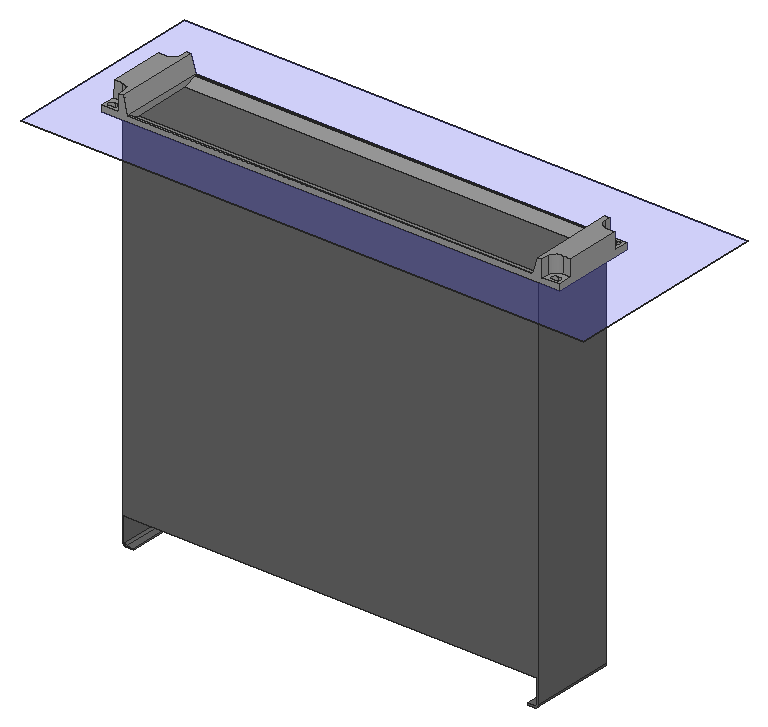
Revit family "QSC CX-Q 8 Channel Amplifier", category Generic Models, host Face, Revit 2017
Family settings
  Host = Face
  Can host rebar = No
  Round Connector Dimension = Use Diameter
  Part Type = Normal
  Cut with Voids When Loaded = No
  Shared = No
  Room Calculation Point = No
Parameters (values of type "CX-Q 4K8")
  Width = 482.6 mm  # constant formula
  Weight Product (lb) = 25
  Weight Product (kg) = 11.3
  Weight Dimensional (lb) = 29
  Weight Dimensional (kg) = 13.2
  Voltage AC = "Universal power supply 100 - 240 VAC, 50 - 60 Hz with active PFC"  # constant formula
  URL = ""
  Regulatory Compliance = "UL, CE, RoHS/WEEE compliant, FCC Class B (conducted and radiated emissions)"  # constant formula
  Product Page URL = "https://www.qsc.com/systems/products/power-amplifiers/dsp-amplifiers-network/cx-q-series/cx-q-4k8/"
  Product Documentation Link = "https://www.qsc.com/resource-files/productresources/amp/cx-q/8_channel/q_rep_specsheet_cxq8.pdf"
  Model = "CX-Q 4K8"
  Manufacturer URL = "http://www.qsc.com"
  Manufacturer = "QSC"  # constant formula
  Inner Front Width [instance] = 427.203 mm
  Height = 88.9 mm  # constant formula
  Face Material [instance] = Light Gray Finish
  Description = "Eight-channel Network Amplifier for the Q-SYS Ecosystem"
  Depth = 426.0 mm  # constant formula
  Default Elevation = 0.0 mm
  Amplifier Material [instance] = Black Finish
Types (5, lengths in mm): name | Weight Product (lb) | Weight Product (kg) | Weight Dimensional (lb) | Weight Dimensional (kg) | Product Page URL | Model
  (no name) | 25 | 11.3 | 29 | 13.2 | "https://www.qsc.com/systems/products/power-amplifiers/dsp-amplifiers-network/cx-q-series/cx-q-4k8/" | "CX-Q 4K8"
  CX-Q 4K8 | 25 | 11.3 | 29 | 13.2 | "https://www.qsc.com/systems/products/power-amplifiers/dsp-amplifiers-network/cx-q-series/cx-q-4k8/" | "CX-Q 4K8"
  CX-Qn 4K8 | 25 | 11.3 | 29 | 13.2 | "https://www.qsc.com/systems/products/power-amplifiers/dsp-amplifiers-network/cx-q-series/cx-qn-4k8/" | "CX-Qn 4K8"
  CX-Q 8K8 | 26 | 11.8 | 30 | 13.6 | "https://www.qsc.com/systems/products/power-amplifiers/dsp-amplifiers-network/cx-q-series/cx-q-8k8/" | "CX-Q 8K8"
  CX-Qn 8K8 | 26 | 11.8 | 30 | 13.6 | "https://www.qsc.com/systems/products/power-amplifiers/dsp-amplifiers-network/cx-q-series/cx-qn-8k8/" | "CX-Qn 8K8"
Reference planes
  plane 1 "Center (Front/Back)": y = 0
  plane 2: z = 0
  plane 3 "Center (Left/Right)": x = 0
  plane 4 "Left": x = -241.3
  plane 5 "Right": x = 241.3
  plane 6 "Top": y = 44.45
  plane 7 "Bottom": y = -44.45
  plane 8 "Back": z = -402.101
  plane 9: z = -373.399
  plane 10: x = -219.019
  plane 11: x = 219.019
  plane 12 "Front": z = 23.899
  plane 13: x = -207.869
  plane 14: x = 207.869
  plane 15: x = -240.508
  plane 16: x = -218.308
  plane 17: x = -213.601
  plane 18: z = 6.33
  plane 19: x = 240.508
  plane 20: x = 218.308
  plane 21: x = 213.601
  plane 22: z = 6.33
  plane 23: z = 14.049
  plane 24 "Inner Left": x = -213.601
  plane 25 "Inner Right": x = 213.601
Forms (mm)
  Extrusion 1, solid, material "Glass"
    sketch origin (0, 0, 0) x (1, 0, 0) y (0, 1, 0)
      loop
        line (-284.09, 118.816) -> (-284.09, -98.587) -> (309.771, -98.587) -> (309.771, 118.816) -> (-284.09, 118.816)
    from 0 to -0.992
  Extrusion 2, solid, material "Black Finish" <- "Amplifier Material"
    sketch origin (0, -44.45, 0) x (-1, 0, 0) y (0, 0, 1)
      loop
        line (241.3, 0) -> (-241.3, 0) -> (-241.3, -402.101) -> (241.3, -402.101) -> (241.3, 0)
    from 0 to 88.9 <- "Height"
  Extrusion 3, void
    sketch origin (0, -44.45, 0) x (-1, 0, 0) y (0, 0, 1)
      loop
        line (219.019, -402.101) -> (241.3, -402.101) -> (241.3, 0) -> (219.019, 0) -> (219.019, -402.101)
      loop
        line (-241.3, -402.101) -> (-219.019, -402.101) -> (-219.019, 0) -> (-241.3, 0) -> (-241.3, -402.101)
    from 0 to 88.9 <- "Height"
  Extrusion 4, void
    sketch origin (0, -44.45, 0) x (-1, 0, 0) y (0, 0, 1)
      loop
        arc (219.019, -398.799) -> (218.052, -401.134) -> (215.717, -402.101) r 3.302
        line (215.717, -402.101) -> (219.019, -402.101) -> (219.019, -398.799)
      loop
        line (217.818, -398.799) -> (217.818, -373.399) -> (-217.818, -373.399) -> (-217.818, -398.799)
        arc (-217.818, -398.799) -> (-217.202, -400.284) -> (-215.717, -400.9) r 2.101
        line (-215.717, -400.9) -> (-207.869, -400.9) -> (-207.869, -402.101) -> (207.869, -402.101) -> (207.869, -400.9) -> (215.717, -400.9)
        arc (215.717, -400.9) -> (217.202, -400.284) -> (217.818, -398.799) r 2.101
      loop
        line (-219.019, -398.799) -> (-219.019, -402.101) -> (-215.717, -402.101)
        arc (-215.717, -402.101) -> (-218.052, -401.134) -> (-219.019, -398.799) r 3.302
    from 0 to 88.9
  Extrusion 5, void
    sketch origin (0, -44.45, 0) x (-1, 0, 0) y (0, 0, 1)
      loop
        line (241.3, 0) -> (241.3, 23.899) -> (240.508, 23.899) -> (241.3, 0)
      loop
        line (218.308, 23.899) -> (-218.308, 23.899) -> (-213.601, 6.33)
        arc (-213.601, 6.33) -> (0, 13.745) -> (213.601, 6.33) r 3080.136
        line (213.601, 6.33) -> (218.308, 23.899)
      loop
        line (-240.508, 23.899) -> (-241.3, 23.899) -> (-241.3, 0) -> (-240.508, 23.899)
    from 0 to 88.9
  Extrusion 6, void
    sketch origin (0, 0, 23.899) x (-1, 0, 0) y (0, -1, 0)
      loop
        line (241.3, -44.45) -> (241.3, -28.905) -> (232.687, -28.905)
        arc (232.687, -28.905) -> (226.184, -31.39) -> (222.994, -37.577) r 9.753
        line (222.994, -37.577) -> (222.994, -44.45) -> (241.3, -44.45)
      loop
        line (241.3, 44.45) -> (222.994, 44.45) -> (222.994, 37.577)
        arc (222.994, 37.577) -> (226.184, 31.39) -> (232.687, 28.905) r 9.753
        line (232.687, 28.905) -> (241.3, 28.905) -> (241.3, 44.45)
      loop
        line (-241.3, -44.45) -> (-222.994, -44.45) -> (-222.994, -37.577)
        arc (-222.994, -37.577) -> (-226.184, -31.39) -> (-232.687, -28.905) r 9.753
        line (-232.687, -28.905) -> (-241.3, -28.905) -> (-241.3, -44.45)
      loop
        line (-241.3, 44.45) -> (-241.3, 28.905) -> (-232.687, 28.905)
        arc (-232.687, 28.905) -> (-226.184, 31.39) -> (-222.994, 37.577) r 9.753
        line (-222.994, 37.577) -> (-222.994, 44.45) -> (-241.3, 44.45)
    from 0 to -17.363
  Extrusion 7, void
    sketch origin (0, 0, 23.899) x (-1, 0, 0) y (0, -1, 0)
      loop
        arc (235.24, -41.935) -> (238.491, -38.684) -> (235.24, -35.433) r 3.251
        line (235.24, -35.433) -> (231.938, -35.433)
        arc (231.938, -35.433) -> (228.686, -38.684) -> (231.938, -41.935) r 3.251
        line (231.938, -41.935) -> (235.24, -41.935)
      loop
        arc (235.24, 35.433) -> (238.491, 38.684) -> (235.24, 41.935) r 3.251
        line (235.24, 41.935) -> (231.938, 41.935)
        arc (231.938, 41.935) -> (228.686, 38.684) -> (231.938, 35.433) r 3.251
        line (231.938, 35.433) -> (235.24, 35.433)
      loop
        arc (-231.938, -41.935) -> (-228.686, -38.684) -> (-231.938, -35.433) r 3.251
        line (-231.938, -35.433) -> (-235.24, -35.433)
        arc (-235.24, -35.433) -> (-238.491, -38.684) -> (-235.24, -41.935) r 3.251
        line (-235.24, -41.935) -> (-231.938, -41.935)
      loop
        arc (-231.938, 35.433) -> (-228.686, 38.684) -> (-231.938, 41.935) r 3.251
        line (-231.938, 41.935) -> (-235.24, 41.935)
        arc (-235.24, 41.935) -> (-238.491, 38.684) -> (-235.24, 35.433) r 3.251
        line (-235.24, 35.433) -> (-231.938, 35.433)
    from 0 to -25.4
  Extrusion 8, void
    sketch origin (-213.601, 0, 0) x (0, 1, 0) y (0, 0, 1)
      loop
        line (42.942, 5.825) -> (44.45, 23.899) -> (42.942, 23.899) -> (-44.45, 23.899) -> (-43.067, 5.712) -> (-30.265, 0) -> (30.581, 0) -> (42.942, 5.825)
    from 0 to 427.203 <- "Inner Front Width"
  Extrusion 9, void
    sketch origin (0, 0, -402.101) x (-1, 0, 0) y (0, -1, 0)
      loop
        line (-196.103, 5.009) -> (-183.681, 5.009) -> (-183.681, 28.269) -> (-196.103, 28.269) -> (-196.103, 5.009)
      loop
        line (67.483, -13.082) -> (87.397, -13.082) -> (87.397, -3.225) -> (67.483, -3.225) -> (67.483, -13.082)
      loop
        line (92.883, -13.082) -> (112.797, -13.082) -> (112.797, -3.225) -> (92.883, -3.225) -> (92.883, -13.082)
      loop
        line (118.283, -13.082) -> (138.197, -13.082) -> (138.197, -3.225) -> (118.283, -3.225) -> (118.283, -13.082)
      loop
        line (143.683, -13.082) -> (163.597, -13.082) -> (163.597, -3.225) -> (143.683, -3.225) -> (143.683, -13.082)
      loop
        line (186.289, 14.258) -> (201.973, 14.258) -> (201.973, 36.368) -> (186.289, 36.368) -> (186.289, 14.258)
      loop
        line (203.056, -9.263) -> (190.356, -9.263) -> (190.356, -25.649) -> (203.056, -25.649) -> (203.056, -9.263)
      loop
        line (189.464, -9.263) -> (176.764, -9.263) -> (176.764, -25.649) -> (189.464, -25.649) -> (189.464, -9.263)
      loop
        line (17.692, -30.016) -> (24.938, -30.016) -> (24.938, -23.09) -> (17.692, -23.09) -> (17.692, -30.016)
      loop
        line (17.692, -22.396) -> (24.938, -22.396) -> (24.938, -15.47) -> (17.692, -15.47) -> (17.692, -22.396)
      loop
        line (17.692, -14.776) -> (24.938, -14.776) -> (24.938, -7.85) -> (17.692, -7.85) -> (17.692, -14.776)
      loop
        line (17.692, -7.156) -> (24.938, -7.156) -> (24.938, -0.23) -> (17.692, -0.23) -> (17.692, -7.156)
      loop
        line (17.692, 0.464) -> (24.938, 0.464) -> (24.938, 7.39) -> (17.692, 7.39) -> (17.692, 0.464)
      loop
        line (17.692, 8.084) -> (24.938, 8.084) -> (24.938, 15.01) -> (17.692, 15.01) -> (17.692, 8.084)
      loop
        line (17.692, 15.704) -> (24.938, 15.704) -> (24.938, 22.63) -> (17.692, 22.63) -> (17.692, 15.704)
      loop
        line (17.692, 23.324) -> (24.938, 23.324) -> (24.938, 30.25) -> (17.692, 30.25) -> (17.692, 23.324)
    from 0 to 31.75
  Extrusion 10, solid, material "Light Gray Finish" <- "Face Material"
    sketch origin (0, -44.45, 0) x (-1, 0, 0) y (0, 0, 1)
      loop
        line (241.3, 23.899) -> (-241.3, 23.899) -> (-241.3, 0) -> (241.3, 0) -> (241.3, 23.899)
    from 0 to 88.9 <- "Height"
Cuts and joins
  Extrusion 3, Extrusion 4, Extrusion 5, Extrusion 6, Extrusion 7, Extrusion 8, Extrusion 9 cuts Extrusion 2
  Extrusion 5, Extrusion 6, Extrusion 7, Extrusion 8 cuts Extrusion 10
Lines and regions (mm)
  model lines, detail levels fine
    curve 1: arc (-219.019, 31.702, -380.707) -> (-219.019, 28.451, -377.455) -> (-219.019, 25.199, -380.707) r 3.251
    curve 2: line (-219.019, 25.199, -380.707) -> (-219.019, 25.199, -384.009)
    curve 3: arc (-219.019, 25.199, -384.009) -> (-219.019, 28.451, -387.26) -> (-219.019, 31.702, -384.009) r 3.251
    curve 4: line (-219.019, 31.702, -384.009) -> (-219.019, 31.702, -380.707)
    curve 5: arc (-219.019, 17.605, -393.915) -> (-219.019, 15.827, -392.137) -> (-219.019, 14.049, -393.915) r 1.778
    curve 6: arc (-219.019, 14.049, -393.915) -> (-219.019, 15.827, -395.693) -> (-219.019, 17.605, -393.915) r 1.778
    curve 7: arc (-219.019, -14.049, -393.915) -> (-219.019, -15.827, -392.137) -> (-219.019, -17.605, -393.915) r 1.778
    curve 8: arc (-219.019, -17.605, -393.915) -> (-219.019, -15.827, -395.693) -> (-219.019, -14.049, -393.915) r 1.778
    curve 9: arc (-219.019, -31.702, -384.009) -> (-219.019, -28.451, -387.26) -> (-219.019, -25.199, -384.009) r 3.251
    curve 10: line (-219.019, -25.199, -384.009) -> (-219.019, -25.199, -380.707)
    curve 11: arc (-219.019, -25.199, -380.707) -> (-219.019, -28.451, -377.455) -> (-219.019, -31.702, -380.707) r 3.251
    curve 12: line (-219.019, -31.702, -380.707) -> (-219.019, -31.702, -384.009)
    curve 13: arc (219.019, 31.702, -380.707) -> (219.019, 28.451, -377.455) -> (219.019, 25.199, -380.707) r 3.251
    curve 14: line (219.019, 25.199, -380.707) -> (219.019, 25.199, -384.009)
    curve 15: arc (219.019, 25.199, -384.009) -> (219.019, 28.451, -387.26) -> (219.019, 31.702, -384.009) r 3.251
    curve 16: line (219.019, 31.702, -384.009) -> (219.019, 31.702, -380.707)
    curve 17: arc (219.019, 17.605, -393.915) -> (219.019, 15.827, -392.137) -> (219.019, 14.049, -393.915) r 1.778
    curve 18: arc (219.019, 14.049, -393.915) -> (219.019, 15.827, -395.693) -> (219.019, 17.605, -393.915) r 1.778
    curve 19: arc (219.019, -14.049, -393.915) -> (219.019, -15.827, -392.137) -> (219.019, -17.605, -393.915) r 1.778
    curve 20: arc (219.019, -17.605, -393.915) -> (219.019, -15.827, -395.693) -> (219.019, -14.049, -393.915) r 1.778
    curve 21: arc (219.019, -31.702, -384.009) -> (219.019, -28.451, -387.26) -> (219.019, -25.199, -384.009) r 3.251
    curve 22: line (219.019, -25.199, -384.009) -> (219.019, -25.199, -380.707)
    curve 23: arc (219.019, -25.199, -380.707) -> (219.019, -28.451, -377.455) -> (219.019, -31.702, -380.707) r 3.251
    curve 24: line (219.019, -31.702, -380.707) -> (219.019, -31.702, -384.009)
    curve 25: circle (-211.933, 15.827, -402.101) r 1.778 normal (0, 0, 1)
    curve 26: circle (-211.933, -15.827, -402.101) r 1.778 normal (0, 0, -1)
    curve 27: circle (211.933, 15.827, -402.101) r 1.778 normal (0, 0, -1)
    curve 28: circle (211.933, -15.827, -402.101) r 1.778 normal (0, 0, 1)
    curve 61: line (-5.971, 18.803, 2.278) -> (-9.502, 22.296, 2.278)
    curve 62: line (57.828, 18.803, 2.278) -> (61.359, 22.296, 2.278)
    curve 63: line (57.828, -19.348, 2.278) -> (61.359, -22.84, 2.278)
    curve 64: line (-5.971, -19.348, 2.278) -> (-9.502, -22.84, 2.278)
    curve 69: arc (-99.815, -1.556, 2.278) -> (-100.423, -4.905, 2.278) -> (-101.046, -1.559, 2.278) r 1.73
    curve 70: line (-100.427, -3.175, 2.278) -> (-100.427, -0.069, 2.278)
    curve 71: line (-69.946, 17.216, 2.278) -> (-61.84, 17.216, 2.278)
    curve 72: line (-69.946, 13.082, 2.278) -> (-69.946, 17.216, 2.278)
    curve 73: line (-61.84, 13.082, 2.278) -> (-69.946, 13.082, 2.278)
    curve 74: line (-61.84, 17.216, 2.278) -> (-61.84, 13.082, 2.278)
    curve 75: line (-31.846, 17.216, 2.278) -> (-23.74, 17.216, 2.278)
    curve 76: line (-31.846, 13.082, 2.278) -> (-31.846, 17.216, 2.278)
    curve 77: line (-23.74, 13.082, 2.278) -> (-31.846, 13.082, 2.278)
    curve 78: line (-23.74, 17.216, 2.278) -> (-23.74, 13.082, 2.278)
    curve 79: line (-57.246, 17.216, 2.278) -> (-49.14, 17.216, 2.278)
    curve 80: line (-57.246, 13.082, 2.278) -> (-57.246, 17.216, 2.278)
    curve 81: line (-49.14, 13.082, 2.278) -> (-57.246, 13.082, 2.278)
    curve 82: line (-49.14, 17.216, 2.278) -> (-49.14, 13.082, 2.278)
    curve 83: line (-44.546, 17.216, 2.278) -> (-36.44, 17.216, 2.278)
    curve 84: line (-44.546, 13.082, 2.278) -> (-44.546, 17.216, 2.278)
    curve 85: line (-36.44, 13.082, 2.278) -> (-44.546, 13.082, 2.278)
    curve 86: line (-36.44, 17.216, 2.278) -> (-36.44, 13.082, 2.278)
    curve 87: line (-69.946, -5.009, 2.278) -> (-61.84, -5.009, 2.278)
    curve 88: line (-69.946, -9.143, 2.278) -> (-69.946, -5.009, 2.278)
    curve 89: line (-61.84, -9.143, 2.278) -> (-69.946, -9.143, 2.278)
    curve 90: line (-61.84, -5.009, 2.278) -> (-61.84, -9.143, 2.278)
    curve 91: line (-31.846, -5.009, 2.278) -> (-23.74, -5.009, 2.278)
    curve 92: line (-31.846, -9.143, 2.278) -> (-31.846, -5.009, 2.278)
    curve 93: line (-23.74, -9.143, 2.278) -> (-31.846, -9.143, 2.278)
    curve 94: line (-23.74, -5.009, 2.278) -> (-23.74, -9.143, 2.278)
    curve 95: line (-57.246, -5.009, 2.278) -> (-49.14, -5.009, 2.278)
    curve 96: line (-57.246, -9.143, 2.278) -> (-57.246, -5.009, 2.278)
    curve 97: line (-49.14, -9.143, 2.278) -> (-57.246, -9.143, 2.278)
    curve 98: line (-49.14, -5.009, 2.278) -> (-49.14, -9.143, 2.278)
    curve 99: line (-44.546, -5.009, 2.278) -> (-36.44, -5.009, 2.278)
    curve 100: line (-44.546, -9.143, 2.278) -> (-44.546, -5.009, 2.278)
    curve 101: line (-36.44, -9.143, 2.278) -> (-44.546, -9.143, 2.278)
    curve 102: line (-36.44, -5.009, 2.278) -> (-36.44, -9.143, 2.278)
    curve 103: line (69.724, 22.296, 2.278) -> (80.216, 22.296, 2.278)
    curve 104: line (69.724, 16.257, 2.278) -> (69.724, 22.296, 2.278)
    curve 105: line (80.216, 16.257, 2.278) -> (69.724, 16.257, 2.278)
    curve 106: line (80.216, 22.296, 2.278) -> (80.216, 16.257, 2.278)
    curve 107: line (69.724, -16.802, 2.278) -> (80.216, -16.802, 2.278)
    curve 108: line (69.724, -22.84, 2.278) -> (69.724, -16.802, 2.278)
    curve 109: line (80.216, -22.84, 2.278) -> (69.724, -22.84, 2.278)
    curve 110: line (80.216, -16.802, 2.278) -> (80.216, -22.84, 2.278)
    curve 111: line (69.724, 9.263, 2.278) -> (80.216, 9.263, 2.278)
    curve 112: line (69.724, 3.225, 2.278) -> (69.724, 9.263, 2.278)
    curve 113: line (80.216, 3.225, 2.278) -> (69.724, 3.225, 2.278)
    curve 114: line (80.216, 9.263, 2.278) -> (80.216, 3.225, 2.278)
  model lines, style "GenericModel", detail levels fine
    curve 29: line (2.049, -37.361, 3.166) -> (-0.167, -34.694, 1.976)
    curve 30: line (-0.167, -34.694, 1.976) -> (2.049, -37.361, 3.166)
    curve 31: line (-8.203, -37.028, 3.018) -> (-7.365, -34.277, 1.79)
    curve 32: line (-7.365, -34.277, 1.79) -> (-8.203, -37.028, 3.018)
    curve 33: line (-6.804, -38.849, 3.831) -> (-7.429, -33.759, 1.559)
    curve 34: line (-7.429, -33.759, 1.559) -> (-6.804, -38.849, 3.831)
    curve 35: line (5.017, -35.288, 2.241) -> (6.993, -36.614, 2.833)
    curve 36: line (6.993, -36.614, 2.833) -> (5.017, -35.288, 2.241)
  model lines, style "GenericModel", not visible, detail levels fine
    curve 37: line (344.322, -25.724, 0.794) -> (342.106, -22.804, 0.794)
    curve 38: line (342.106, -22.804, 0.794) -> (344.322, -25.724, 0.794)
    curve 39: line (334.07, -25.359, 0.794) -> (334.908, -22.347, 0.794)
    curve 40: line (334.908, -22.347, 0.794) -> (334.07, -25.359, 0.794)
    curve 41: line (335.469, -27.353, 0.794) -> (334.844, -21.779, 0.794)
    curve 42: line (334.844, -21.779, 0.794) -> (335.469, -27.353, 0.794)
    curve 43: line (347.29, -23.453, 0.794) -> (349.266, -24.905, 0.794)
    curve 44: line (349.266, -24.905, 0.794) -> (347.29, -23.453, 0.794)
  model lines, not visible
    curve 45: arc (-104.012, -1.588, 45.52) -> (-96.511, 5.913, 45.52) -> (-89.011, -1.588, 45.52) r 7.501
    curve 46: arc (-89.011, -1.588, 45.52) -> (-96.511, -9.088, 45.52) -> (-104.012, -1.588, 45.52) r 7.501
    curve 47: arc (73.897, 4.762, 45.52) -> (89.396, 20.262, 45.52) -> (104.895, 4.762, 45.52) r 15.499
    curve 48: arc (104.895, 4.762, 45.52) -> (89.396, -10.737, 45.52) -> (73.897, 4.762, 45.52) r 15.499
    curve 49: line (54.287, 24.465, 45.52) -> (54.287, -20.671, 45.52)
    curve 50: line (54.287, -20.671, 45.52) -> (-16.573, -20.671, 45.52)
    curve 51: line (-16.573, -20.671, 45.52) -> (-16.573, 24.465, 45.52)
    curve 52: line (-16.573, 24.465, 45.52) -> (54.287, 24.465, 45.52)
  model lines, detail levels medium+fine
    curve 53: line (-9.502, 22.296, 2.278) -> (61.359, 22.296, 2.278)
    curve 54: line (61.359, 22.296, 2.278) -> (61.359, -22.84, 2.278)
    curve 55: line (-9.502, -22.84, 2.278) -> (61.359, -22.84, 2.278)
    curve 56: line (-9.502, 22.296, 2.278) -> (-9.502, -22.84, 2.278)
    curve 57: line (-5.971, 18.803, 2.278) -> (57.828, 18.803, 2.278)
    curve 58: line (57.828, 18.803, 2.278) -> (57.828, -19.348, 2.278)
    curve 59: line (-5.971, 18.803, 2.278) -> (-5.971, -19.348, 2.278)
    curve 60: line (-5.971, -19.348, 2.278) -> (57.828, -19.348, 2.278)
    curve 65: circle (101.82, -2.619, 2.278) r 15.494 normal (0, 0, 1)
    curve 66: circle (101.82, -2.619, 2.278) r 10.922 normal (0, 0, 1)
    curve 67: circle (-100.427, -3.175, 2.278) r 7.501 normal (0, 0, 1)
    curve 68: circle (-100.427, -3.175, 2.278) r 6.05 normal (0, 0, 1)
Dimensions and locks
  "Depth": plane 12 "Front" to plane 8 "Back"
  equal spacing: plane 6 "Top", plane 1 "Center (Front/Back)", plane 7 "Bottom"
  "Height": plane 6 "Top" to plane 7 "Bottom"
  equal spacing: plane 4 "Left", plane 3 "Center (Left/Right)", plane 5 "Right"
  "Width": plane 4 "Left" to plane 5 "Right"
  plane 9 to plane 8 "Back" = 28.702 mm
  plane 4 "Left" to plane 10 = 22.281 mm
  plane 11 to plane 5 "Right" = 22.281 mm
  plane 12 "Front" to plane 2 = 23.899 mm
  plane 10 to plane 13 = 11.151 mm
  plane 14 to plane 11 = 11.151 mm
  "Inner Front Width": plane 24 "Inner Left" to plane 25 "Inner Right"
  aligned and locked: plane 2 to Extrusion 1
  aligned and locked: level to Extrusion 1
  aligned and locked: Extrusion 2 sketch curve to plane 4 "Left"
  aligned and locked: plane 8 "Back" to Extrusion 2 sketch curve
  aligned and locked: Extrusion 2 sketch curve to plane 5 "Right"
  aligned and locked: Extrusion 3 sketch curve to plane 8 "Back"
  aligned and locked: Extrusion 3 sketch curve to plane 10
  aligned and locked: level to Extrusion 3 sketch curve  (x2)
  aligned and locked: Extrusion 3 sketch curve to plane 4 "Left"
  aligned and locked: Extrusion 3 sketch curve to Extrusion 2
  aligned and locked: Extrusion 2 to Extrusion 3 sketch curve
  aligned and locked: Extrusion 3 sketch curve to plane 11
  aligned and locked: Extrusion 2 sketch curve to plane 2
Automatic sketch dimensions
  Extrusion 1 sketch curve to Extrusion 1 sketch curve = 593.861 mm
  Extrusion 1 sketch curve to Extrusion 1 sketch curve = 217.403 mm
  Extrusion 4 sketch curve to plane 11 = 0.0 mm
  Extrusion 4 sketch curve to plane 9 = 0.0 mm
  Extrusion 4 sketch curve to plane 8 "Back" = 0.0 mm  (x3)
  Extrusion 4 sketch curve to plane 14 = 0.0 mm
  Extrusion 4 sketch curve to plane 13 = 0.0 mm
  Extrusion 4 sketch curve to plane 10 = 0.0 mm
  Extrusion 4 sketch curve to plane 11 = 1.201 mm
  plane 8 "Back" to Extrusion 4 sketch curve = 1.202 mm  (x2)
  plane 25 "Inner Right" to Extrusion 4 sketch curve = 2.116 mm
  Extrusion 4 sketch curve to Extrusion 4 sketch curve = 0.0 mm  (x2)
  Extrusion 4 sketch curve to plane 24 "Inner Left" = 2.116 mm
  plane 10 to Extrusion 4 sketch curve = 1.201 mm
  Extrusion 5 sketch curve to level = 0.0 mm  (x2)
  Extrusion 5 sketch curve to plane 5 "Right" = 0.0 mm
  Extrusion 5 sketch curve to plane 12 "Front" = 0.0 mm  (x3)
  plane 19 to Extrusion 5 sketch curve = 0.0 mm
  plane 20 to Extrusion 5 sketch curve = 0.0 mm
  Extrusion 5 sketch curve to plane 18 = 0.0 mm
  plane 21 to Extrusion 5 sketch curve = 0.0 mm
  Extrusion 5 sketch curve to plane 3 "Center (Left/Right)" = 0.0 mm
  Extrusion 5 sketch curve to plane 17 = 0.0 mm
  Extrusion 5 sketch curve to plane 16 = 0.0 mm
  Extrusion 5 sketch curve to plane 15 = 0.0 mm
  Extrusion 5 sketch curve to plane 4 "Left" = 0.0 mm
  Extrusion 5 sketch curve to plane 8 "Back" = 2664.29 mm
  Extrusion 6 sketch curve to plane 5 "Right" = 0.0 mm  (x2)
  Extrusion 6 sketch curve to plane 6 "Top" = 0.0 mm  (x2)
  Extrusion 6 sketch curve to plane 7 "Bottom" = 0.0 mm  (x2)
  Extrusion 6 sketch curve to plane 4 "Left" = 0.0 mm  (x2)
  Extrusion 6 sketch curve to plane 5 "Right" = 8.613 mm  (x2)
  plane 11 to Extrusion 6 sketch curve = 3.975 mm  (x2)
  Extrusion 6 sketch curve to plane 10 = 3.975 mm  (x2)
  plane 4 "Left" to Extrusion 6 sketch curve = 8.613 mm  (x2)
  Extrusion 6 sketch curve to plane 6 "Top" = 5.792 mm  (x2)
  Extrusion 6 sketch curve to plane 6 "Top" = 6.873 mm  (x2)
  plane 7 "Bottom" to Extrusion 6 sketch curve = 15.545 mm  (x2)
  plane 7 "Bottom" to Extrusion 6 sketch curve = 6.873 mm  (x2)
  plane 7 "Bottom" to Extrusion 7 sketch curve = 2.515 mm  (x2)
  Extrusion 7 sketch curve to plane 5 "Right" = 6.06 mm  (x2)
  Extrusion 7 sketch curve to Extrusion 7 sketch curve = 3.302 mm  (x4)
  plane 4 "Left" to Extrusion 7 sketch curve = 9.362 mm  (x2)
  Extrusion 7 sketch curve to plane 6 "Top" = 2.515 mm  (x2)
  Extrusion 7 sketch curve to Extrusion 7 sketch curve = 3.251 mm  (x2)
  Extrusion 7 sketch curve to Extrusion 7 sketch curve = 6.502 mm  (x2)
  curve 5 to curve 6 = 0.0 mm  (x2)
  curve 7 to curve 8 = 0.0 mm  (x2)
  curve 1 to Extrusion 3 = 21.394 mm
  curve 11 to Extrusion 3 = 21.394 mm
  curve 2 to curve 3 = 3.302 mm
  curve 10 to curve 10 = 3.302 mm
  curve 8 to Extrusion 3 = 8.186 mm
  curve 6 to Extrusion 3 = 8.186 mm
  Extrusion 3 to curve 1 = 12.748 mm
  curve 4 to curve 1 = 3.251 mm
  curve 3 to curve 5 = 7.595 mm
  curve 5 to curve 6 = 1.778 mm
  curve 5 to curve 7 = 28.097 mm
  curve 7 to curve 7 = 1.778 mm
  curve 8 to curve 11 = 7.595 mm
  curve 10 to curve 11 = 3.251 mm
  curve 17 to curve 18 = 0.0 mm  (x2)
  curve 19 to curve 20 = 0.0 mm  (x2)
  curve 19 to Extrusion 3 = 8.186 mm
  curve 18 to Extrusion 3 = 8.186 mm
  curve 17 to curve 16 = 9.906 mm
  curve 20 to curve 24 = 9.906 mm
  curve 15 to curve 16 = 3.302 mm
  curve 21 to curve 22 = 3.302 mm
  Extrusion 3 to curve 13 = 12.748 mm
  curve 13 to curve 13 = 3.251 mm
  curve 15 to curve 17 = 7.595 mm
  curve 17 to curve 18 = 1.778 mm
  curve 17 to curve 19 = 28.097 mm
  curve 19 to curve 19 = 1.778 mm
  curve 20 to curve 23 = 7.595 mm
  curve 22 to curve 23 = 3.251 mm
  curve 27 to plane 25 "Inner Right" = 1.669 mm
  curve 28 to plane 25 "Inner Right" = 1.669 mm
  plane 24 "Inner Left" to curve 26 = 1.669 mm
  plane 24 "Inner Left" to curve 25 = 1.669 mm
  curve 27 to plane 1 "Center (Front/Back)" = 15.827 mm
  curve 25 to plane 1 "Center (Front/Back)" = 15.827 mm
  plane 1 "Center (Front/Back)" to curve 28 = 15.827 mm
  plane 1 "Center (Front/Back)" to curve 26 = 15.827 mm
  Extrusion 8 sketch curve to plane 7 "Bottom" = 0.0 mm
  Extrusion 8 sketch curve to plane 12 "Front" = 0.0 mm
  Extrusion 8 sketch curve to plane 6 "Top" = 0.0 mm
  plane 7 "Bottom" to Extrusion 8 sketch curve = 1.383 mm
  Extrusion 8 sketch curve to Extrusion 8 sketch curve = 12.802 mm
  Extrusion 8 sketch curve to plane 6 "Top" = 13.869 mm
  Extrusion 8 sketch curve to plane 6 "Top" = 1.508 mm
  Extrusion 8 sketch curve to Extrusion 8 sketch curve = 1.508 mm
  curve 65 to curve 66 = 0.0 mm  (x2)
  curve 67 to curve 68 = 0.0 mm  (x2)
  curve 67 to curve 69 = 0.0 mm
  curve 68 to curve 69 = 0.0 mm
  curve 56 to plane 3 "Center (Left/Right)" = 9.502 mm
  plane 7 "Bottom" to curve 56 = 21.61 mm
  curve 64 to plane 3 "Center (Left/Right)" = 5.971 mm
  curve 55 to curve 64 = 3.492 mm
  plane 1 "Center (Front/Back)" to curve 67 = 3.175 mm
  curve 70 to curve 67 = 0.0 mm
  plane 1 "Center (Front/Back)" to curve 65 = 2.619 mm
  plane 1 "Center (Front/Back)" to curve 69 = 1.559 mm
  curve 69 to curve 69 = 0.003 mm
  plane 1 "Center (Front/Back)" to curve 70 = 0.069 mm
  curve 58 to plane 1 "Center (Front/Back)" = 18.803 mm
  curve 57 to curve 61 = 3.493 mm
  plane 3 "Center (Left/Right)" to curve 62 = 57.828 mm
  curve 53 to curve 57 = 3.531 mm
  curve 66 to curve 54 = 40.461 mm
  curve 55 to curve 69 = 90.313 mm
  curve 69 to curve 69 = 0.612 mm
  curve 69 to curve 70 = 0.612 mm
  Extrusion 10 sketch curve to level = 0.0 mm
  Extrusion 10 sketch curve to plane 4 "Left" = 0.0 mm
  Extrusion 10 sketch curve to plane 12 "Front" = 0.0 mm
  Extrusion 10 sketch curve to plane 5 "Right" = 0.0 mm
  level to Extrusion 8 sketch curve = 5.825 mm
  level to Extrusion 8 sketch curve = 5.712 mm
  level to Extrusion 8 sketch curve = 0.0 mm
  curve 76 to plane 1 "Center (Front/Back)" = 13.082 mm
  curve 81 to curve 84 = 0.0 mm
  curve 85 to curve 76 = 0.0 mm
  curve 74 to curve 80 = 0.0 mm
  curve 72 to curve 72 = 4.133 mm
  curve 76 to curve 75 = 4.133 mm
  curve 85 to curve 86 = 4.133 mm
  curve 80 to curve 79 = 4.133 mm
  curve 53 to curve 77 = 14.238 mm
  curve 77 to curve 77 = 8.106 mm
  curve 76 to curve 85 = 4.594 mm
  curve 85 to curve 84 = 8.106 mm
  curve 84 to curve 82 = 4.594 mm
  curve 81 to curve 81 = 8.106 mm
  curve 79 to curve 71 = 4.594 mm
  curve 71 to curve 71 = 8.106 mm
  plane 1 "Center (Front/Back)" to curve 90 = 9.143 mm
  curve 98 to curve 100 = 0.0 mm
  curve 101 to curve 92 = 0.0 mm
  curve 89 to curve 97 = 0.0 mm
  curve 88 to curve 88 = 4.133 mm
  curve 97 to curve 98 = 4.133 mm
  curve 93 to curve 91 = 4.133 mm
  curve 100 to curve 100 = 4.133 mm
  curve 55 to curve 94 = 14.238 mm
  curve 91 to curve 91 = 8.106 mm
  curve 92 to curve 101 = 4.594 mm
  curve 101 to curve 101 = 8.106 mm
  curve 100 to curve 98 = 4.594 mm
  curve 95 to curve 95 = 8.106 mm
  curve 96 to curve 90 = 4.594 mm
  curve 87 to curve 87 = 8.106 mm
  curve 54 to curve 109 = 0.0 mm
  curve 108 to curve 108 = 6.038 mm
  curve 113 to plane 1 "Center (Front/Back)" = 3.225 mm
  curve 113 to curve 114 = 6.038 mm
  curve 111 to curve 104 = 6.994 mm
  curve 104 to curve 103 = 6.038 mm
  curve 105 to curve 53 = 18.857 mm
  curve 107 to curve 54 = 18.857 mm
  curve 111 to curve 105 = 0.0 mm
  curve 111 to curve 112 = 10.491 mm
  curve 104 to curve 112 = 0.0 mm
  curve 107 to curve 54 = 8.366 mm
  Extrusion 9 sketch curve to plane 14 = 11.766 mm
  Extrusion 9 sketch curve to Extrusion 9 sketch curve = 12.421 mm
  plane 7 "Bottom" to Extrusion 9 sketch curve = 14.2 mm
  Extrusion 9 sketch curve to plane 3 "Center (Left/Right)" = 17.692 mm
  Extrusion 9 sketch curve to Extrusion 9 sketch curve = 0.0 mm  (x15)
  Extrusion 9 sketch curve to Extrusion 9 sketch curve = 7.246 mm  (x3)
  Extrusion 9 sketch curve to plane 1 "Center (Front/Back)" = 3.225 mm  (x4)
  Extrusion 9 sketch curve to Extrusion 9 sketch curve = 42.545 mm
  Extrusion 9 sketch curve to Extrusion 9 sketch curve = 19.914 mm  (x4)
  Extrusion 9 sketch curve to Extrusion 9 sketch curve = 5.486 mm  (x3)
  Extrusion 9 sketch curve to Extrusion 9 sketch curve = 13.167 mm
  plane 7 "Bottom" to Extrusion 9 sketch curve = 8.082 mm
  plane 13 to Extrusion 9 sketch curve = 21.579 mm
  Extrusion 9 sketch curve to Extrusion 9 sketch curve = 12.7 mm
  Extrusion 9 sketch curve to Extrusion 9 sketch curve = 0.891 mm
  plane 13 to Extrusion 9 sketch curve = 5.896 mm
  plane 13 to Extrusion 9 sketch curve = 4.813 mm
  Extrusion 9 sketch curve to plane 1 "Center (Front/Back)" = 7.156 mm
  Extrusion 9 sketch curve to plane 1 "Center (Front/Back)" = 9.263 mm
  Extrusion 9 sketch curve to Extrusion 9 sketch curve = 0.693 mm  (x7)
  Extrusion 9 sketch curve to Extrusion 9 sketch curve = 9.858 mm  (x3)
  Extrusion 9 sketch curve to Extrusion 9 sketch curve = 6.927 mm  (x5)
  Extrusion 9 sketch curve to Extrusion 9 sketch curve = 16.386 mm
  Extrusion 9 sketch curve to plane 1 "Center (Front/Back)" = 0.23 mm
  plane 1 "Center (Front/Back)" to Extrusion 9 sketch curve = 5.009 mm
  plane 1 "Center (Front/Back)" to Extrusion 9 sketch curve = 7.39 mm
  plane 1 "Center (Front/Back)" to Extrusion 9 sketch curve = 14.258 mm
  plane 7 "Bottom" to Extrusion 9 sketch curve = 16.181 mm
  radius of curve 25 = 1.778 mm
  radius of curve 26 = 1.778 mm
  radius of curve 27 = 1.778 mm
  radius of curve 28 = 1.778 mm
  radius of curve 65 = 15.494 mm
  radius of curve 66 = 10.922 mm
  radius of curve 67 = 7.501 mm
  radius of curve 68 = 6.05 mm
Connectors
  electrical at (189.892, -16.639, -370.351)
    settings: on cut or joined group 1 (Extrusion 2, Extrusion 3, Extrusion 4, Extrusion 5, Extrusion 6, Extrusion 7, Extrusion 8, Extrusion 9), index 1, voltage 0 V, apparent load 0 VA, apparent load phase1 0 VA, apparent load phase2 0 VA, apparent load phase3 0 VA, power factor 1, load classification "Other", number of poles 1, system type 31, power factor state 1, is connector primary yes, connector utility no, sub classification motor no, connector description "120-240VAC, 50-60Hz"
  electrical at (-196.706, 17.456, -370.351)
    settings: on cut or joined group 1, index 2, voltage 0 V, apparent load 0 VA, apparent load phase1 0 VA, apparent load phase2 0 VA, apparent load phase3 0 VA, power factor 1, load classification "Other", number of poles 1, system type 5, power factor state 1, is connector primary no, connector utility no, sub classification motor no, connector description "LAN A"
  electrical at (-183.114, 17.456, -370.351)
    settings: on cut or joined group 1, index 3, voltage 0 V, apparent load 0 VA, apparent load phase1 0 VA, apparent load phase2 0 VA, apparent load phase3 0 VA, power factor 1, load classification "Other", number of poles 1, system type 5, power factor state 1, is connector primary no, connector utility no, sub classification motor no, connector description ""
  electrical at (-153.64, 8.154, -370.351)
    settings: on cut or joined group 1, index 4, voltage 0 V, apparent load 0 VA, apparent load phase1 0 VA, apparent load phase2 0 VA, apparent load phase3 0 VA, power factor 1, load classification "Other", number of poles 1, system type 14, power factor state 1, is connector primary no, connector utility no, sub classification motor no, connector description "Input 1"
  electrical at (-128.24, 8.154, -370.351)
    settings: on cut or joined group 1, index 5, voltage 0 V, apparent load 0 VA, apparent load phase1 0 VA, apparent load phase2 0 VA, apparent load phase3 0 VA, power factor 1, load classification "Other", number of poles 1, system type 14, power factor state 1, is connector primary no, connector utility no, sub classification motor no, connector description "Input 2"
  electrical at (-102.84, 8.154, -370.351)
    settings: on cut or joined group 1, index 6, voltage 0 V, apparent load 0 VA, apparent load phase1 0 VA, apparent load phase2 0 VA, apparent load phase3 0 VA, power factor 1, load classification "Other", number of poles 1, system type 14, power factor state 1, is connector primary no, connector utility no, sub classification motor no, connector description "Input 3"
  electrical at (-77.44, 8.154, -370.351)
    settings: on cut or joined group 1, index 7, voltage 0 V, apparent load 0 VA, apparent load phase1 0 VA, apparent load phase2 0 VA, apparent load phase3 0 VA, power factor 1, load classification "Other", number of poles 1, system type 14, power factor state 1, is connector primary no, connector utility no, sub classification motor no, connector description "Input 4"
  electrical at (-21.315, 26.553, -370.351)
    settings: on cut or joined group 1, index 8, voltage 0 V, apparent load 0 VA, apparent load phase1 0 VA, apparent load phase2 0 VA, apparent load phase3 0 VA, power factor 1, load classification "Other", number of poles 1, system type 14, power factor state 1, is connector primary no, connector utility no, sub classification motor no, connector description "Output T1"
  electrical at (-21.315, 18.933, -370.351)
    settings: on cut or joined group 1, index 9, voltage 0 V, apparent load 0 VA, apparent load phase1 0 VA, apparent load phase2 0 VA, apparent load phase3 0 VA, power factor 1, load classification "Other", number of poles 1, system type 14, power factor state 1, is connector primary no, connector utility no, sub classification motor no, connector description "Output T2"
  electrical at (-21.315, 11.313, -370.351)
    settings: on cut or joined group 1, index 10, voltage 0 V, apparent load 0 VA, apparent load phase1 0 VA, apparent load phase2 0 VA, apparent load phase3 0 VA, power factor 1, load classification "Other", number of poles 1, system type 14, power factor state 1, is connector primary no, connector utility no, sub classification motor no, connector description "Output T3"
  electrical at (-21.315, 3.693, -370.351)
    settings: on cut or joined group 1, index 11, voltage 0 V, apparent load 0 VA, apparent load phase1 0 VA, apparent load phase2 0 VA, apparent load phase3 0 VA, power factor 1, load classification "Other", number of poles 1, system type 14, power factor state 1, is connector primary no, connector utility no, sub classification motor no, connector description "Output T4"
  electrical at (-21.315, -3.927, -370.351)
    settings: on cut or joined group 1, index 12, voltage 0 V, apparent load 0 VA, apparent load phase1 0 VA, apparent load phase2 0 VA, apparent load phase3 0 VA, power factor 1, load classification "Other", number of poles 1, system type 14, power factor state 1, is connector primary no, connector utility no, sub classification motor no, connector description "Output T5"
  electrical at (-21.315, -11.547, -370.351)
    settings: on cut or joined group 1, index 13, voltage 0 V, apparent load 0 VA, apparent load phase1 0 VA, apparent load phase2 0 VA, apparent load phase3 0 VA, power factor 1, load classification "Other", number of poles 1, system type 14, power factor state 1, is connector primary no, connector utility no, sub classification motor no, connector description "Output T6"
  electrical at (-21.315, -19.167, -370.351)
    settings: on cut or joined group 1, index 14, voltage 0 V, apparent load 0 VA, apparent load phase1 0 VA, apparent load phase2 0 VA, apparent load phase3 0 VA, power factor 1, load classification "Other", number of poles 1, system type 14, power factor state 1, is connector primary no, connector utility no, sub classification motor no, connector description "Output T7"
  electrical at (-21.315, -26.787, -370.351)
    settings: on cut or joined group 1, index 15, voltage 0 V, apparent load 0 VA, apparent load phase1 0 VA, apparent load phase2 0 VA, apparent load phase3 0 VA, power factor 1, load classification "Other", number of poles 1, system type 14, power factor state 1, is connector primary no, connector utility no, sub classification motor no, connector description "Output T8"
  electrical at (-194.131, -25.313, -370.351)
    settings: on cut or joined group 1, index 16, voltage 0 V, apparent load 0 VA, apparent load phase1 0 VA, apparent load phase2 0 VA, apparent load phase3 0 VA, power factor 1, load classification "Other", number of poles 1, system type 13, power factor state 1, is connector primary no, connector utility no, sub classification motor no, connector description "GPIO"
